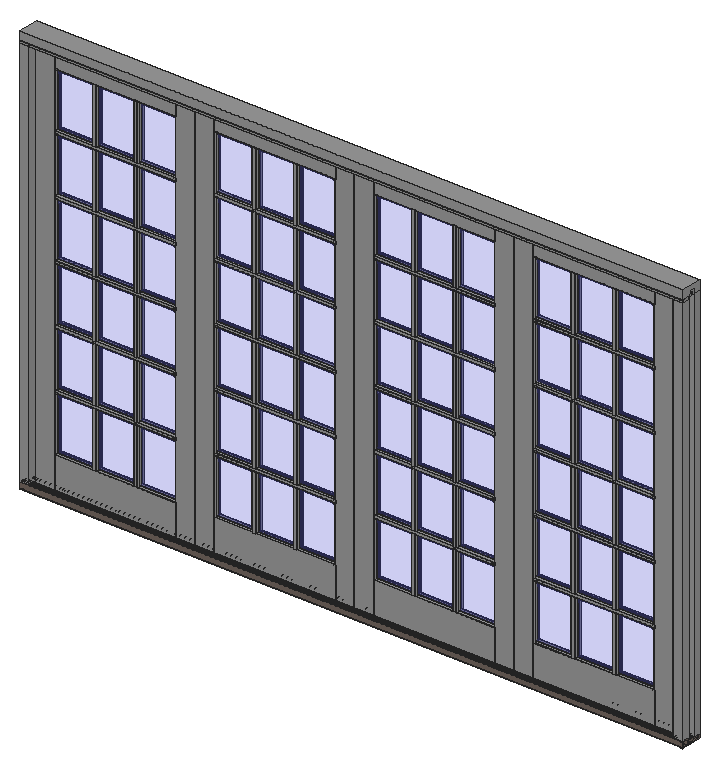
Revit family "VSFA 3390 SP RH", category Doors, host Wall, Revit 2015 (continued)
Forms (mm)
  Extrusion 65, solid, material "Lauan, Meranti"
    sketch origin (-564.265, 0, 0) x (0, 1, 0) y (0, 0, 1)
      loop
        line (-13.5, 487) -> (-15.5, 487)
    from -169.235 to 451.765
  Extrusion 66, solid, material "Glass"
    sketch origin (-587.692, -110.55, -763.769) x (1, 0, 0) y (0, 0, 1)
      loop
        line (-145.808, 2722.769) -> (-145.808, 2438.757) -> (52.532, 2438.757) -> (52.532, 2722.769) -> (-145.808, 2722.769)
      loop
        line (65.532, 2722.769) -> (65.532, 2438.757) -> (263.872, 2438.757) -> (263.872, 2722.769) -> (65.532, 2722.769)
      loop
        line (276.872, 2722.769) -> (276.872, 2438.757) -> (475.212, 2438.757) -> (475.212, 2722.769) -> (276.872, 2722.769)
      loop
        line (-145.808, 2425.769) -> (-145.808, 2141.757) -> (52.532, 2141.757) -> (52.532, 2425.769) -> (-145.808, 2425.769)
      loop
        line (65.532, 2425.769) -> (65.532, 2141.757) -> (263.872, 2141.757) -> (263.872, 2425.769) -> (65.532, 2425.769)
      loop
        line (276.872, 2425.769) -> (276.872, 2141.757) -> (475.212, 2141.757) -> (475.212, 2425.769) -> (276.872, 2425.769)
      loop
        line (-145.808, 2128.769) -> (-145.808, 1844.757) -> (52.532, 1844.757) -> (52.532, 2128.769) -> (-145.808, 2128.769)
      loop
        line (65.532, 2128.769) -> (65.532, 1844.757) -> (263.872, 1844.757) -> (263.872, 2128.769) -> (65.532, 2128.769)
      loop
        line (276.872, 2128.769) -> (276.872, 1844.757) -> (475.212, 1844.757) -> (475.212, 2128.769) -> (276.872, 2128.769)
      loop
        line (-145.808, 1831.769) -> (-145.808, 1547.757) -> (52.532, 1547.757) -> (52.532, 1831.769) -> (-145.808, 1831.769)
      loop
        line (65.532, 1831.769) -> (65.532, 1547.757) -> (263.872, 1547.757) -> (263.872, 1831.769) -> (65.532, 1831.769)
      loop
        line (276.872, 1831.769) -> (276.872, 1547.757) -> (475.212, 1547.757) -> (475.212, 1831.769) -> (276.872, 1831.769)
      loop
        line (-145.808, 1534.769) -> (-145.808, 1250.757) -> (52.532, 1250.757) -> (52.532, 1534.769) -> (-145.808, 1534.769)
      loop
        line (65.532, 1534.769) -> (65.532, 1250.757) -> (263.872, 1250.757) -> (263.872, 1534.769) -> (65.532, 1534.769)
      loop
        line (276.872, 1534.769) -> (276.872, 1250.757) -> (475.212, 1250.757) -> (475.212, 1534.769) -> (276.872, 1534.769)
      loop
        line (-145.808, 1237.769) -> (-145.808, 953.757) -> (52.532, 953.757) -> (52.532, 1237.769) -> (-145.808, 1237.769)
      loop
        line (65.532, 1237.769) -> (65.532, 953.757) -> (263.872, 953.757) -> (263.872, 1237.769) -> (65.532, 1237.769)
      loop
        line (276.872, 1237.769) -> (276.872, 953.757) -> (475.212, 953.757) -> (475.212, 1237.769) -> (276.872, 1237.769)
    from -112.5 to -106.1
  Extrusion 67, solid, material "Lauan, Meranti"
    sketch origin (-1119.5, 0, 1484.988) x (1, 0, 0) y (0, 1, 0)
      loop
        line (597.34, -15.5) -> (597.34, -13.5)
        arc (597.34, -13.5) -> (602.01, -11.866) -> (604.34, -7.5) r 6.807
        line (604.34, -7.5) -> (606.34, -7.5) -> (606.34, -5.5) -> (597.34, -5.5) -> (597.34, 24.5) -> (584.34, 24.5) -> (584.34, -5.5) -> (575.34, -5.5) -> (575.34, -7.5) -> (577.34, -7.5)
        arc (577.34, -7.5) -> (579.67, -11.866) -> (584.34, -13.5) r 6.807
        line (584.34, -13.5) -> (584.34, -15.5) -> (597.34, -15.5)
      loop
        line (808.68, -15.5) -> (808.68, -13.5)
        arc (808.68, -13.5) -> (813.35, -11.866) -> (815.68, -7.5) r 6.807
        line (815.68, -7.5) -> (817.68, -7.5) -> (817.68, -5.5) -> (808.68, -5.5) -> (808.68, 24.5) -> (795.68, 24.5) -> (795.68, -5.5) -> (786.68, -5.5) -> (786.68, -7.5) -> (788.68, -7.5)
        arc (788.68, -7.5) -> (791.01, -11.866) -> (795.68, -13.5) r 6.807
        line (795.68, -13.5) -> (795.68, -15.5) -> (808.68, -15.5)
    from 190 to 474
  Sweep 68, solid, material "Lauan, Meranti"
    path origin (-1072.112, -75, 232.716) x (1, 0, 0) y (0, 0, 1)
      loop
        line (338.612, 1726.284) -> (338.612, 1442.272) -> (536.952, 1442.272) -> (536.952, 1726.284) -> (338.612, 1726.284)
    profile origin (-634.33, -75, 1959) x (0, 0, 1) y (0, -1, 0)
      loop
        line (-9, -78) -> (-9, -80) -> (-7, -80)
        arc (-7, -80) -> (-4.67, -84.366) -> (0, -86) r 6.807
        line (0, -86) -> (0, -78) -> (-9, -78)
  Sweep 69, solid, material "Lauan, Meranti"
    path origin (-860.772, -75, 232.716) x (1, 0, 0) y (0, 0, 1)
      loop
        line (338.612, 1726.284) -> (338.612, 1442.272) -> (536.952, 1442.272) -> (536.952, 1726.284) -> (338.612, 1726.284)
    profile origin (-422.99, -75, 1959) x (0, 0, 1) y (0, -1, 0)
      loop
        line (-9, -78) -> (-9, -80) -> (-7, -80)
        arc (-7, -80) -> (-4.67, -84.366) -> (0, -86) r 6.807
        line (0, -86) -> (0, -78) -> (-9, -78)
  Sweep 70, solid, material "Lauan, Meranti"
    path origin (-649.432, -75, 232.716) x (1, 0, 0) y (0, 0, 1)
      loop
        line (338.612, 1726.284) -> (338.612, 1442.272) -> (536.952, 1442.272) -> (536.952, 1726.284) -> (338.612, 1726.284)
    profile origin (-211.65, -75, 1959) x (0, 0, 1) y (0, -1, 0)
      loop
        line (-9, -78) -> (-9, -80) -> (-7, -80)
        arc (-7, -80) -> (-4.67, -84.366) -> (0, -86) r 6.807
        line (0, -86) -> (0, -78) -> (-9, -78)
  Extrusion 71, solid, material "Lauan, Meranti"
    sketch origin (-1119.5, 0, 1187.988) x (1, 0, 0) y (0, 1, 0)
      loop
        line (597.34, -15.5) -> (597.34, -13.5)
        arc (597.34, -13.5) -> (602.01, -11.866) -> (604.34, -7.5) r 6.807
        line (604.34, -7.5) -> (606.34, -7.5) -> (606.34, -5.5) -> (597.34, -5.5) -> (597.34, 24.5) -> (584.34, 24.5) -> (584.34, -5.5) -> (575.34, -5.5) -> (575.34, -7.5) -> (577.34, -7.5)
        arc (577.34, -7.5) -> (579.67, -11.866) -> (584.34, -13.5) r 6.807
        line (584.34, -13.5) -> (584.34, -15.5) -> (597.34, -15.5)
      loop
        line (808.68, -15.5) -> (808.68, -13.5)
        arc (808.68, -13.5) -> (813.35, -11.866) -> (815.68, -7.5) r 6.807
        line (815.68, -7.5) -> (817.68, -7.5) -> (817.68, -5.5) -> (808.68, -5.5) -> (808.68, 24.5) -> (795.68, 24.5) -> (795.68, -5.5) -> (786.68, -5.5) -> (786.68, -7.5) -> (788.68, -7.5)
        arc (788.68, -7.5) -> (791.01, -11.866) -> (795.68, -13.5) r 6.807
        line (795.68, -13.5) -> (795.68, -15.5) -> (808.68, -15.5)
    from 190 to 474
  Sweep 72, solid, material "Lauan, Meranti"
    path origin (-1072.112, -75, -64.284) x (1, 0, 0) y (0, 0, 1)
      loop
        line (338.612, 1726.284) -> (338.612, 1442.272) -> (536.952, 1442.272) -> (536.952, 1726.284) -> (338.612, 1726.284)
    profile origin (-634.33, -75, 1662) x (0, 0, 1) y (0, -1, 0)
      loop
        line (-9, -78) -> (-9, -80) -> (-7, -80)
        arc (-7, -80) -> (-4.67, -84.366) -> (0, -86) r 6.807
        line (0, -86) -> (0, -78) -> (-9, -78)
  Sweep 73, solid, material "Lauan, Meranti"
    path origin (-860.772, -75, -64.284) x (1, 0, 0) y (0, 0, 1)
      loop
        line (338.612, 1726.284) -> (338.612, 1442.272) -> (536.952, 1442.272) -> (536.952, 1726.284) -> (338.612, 1726.284)
    profile origin (-422.99, -75, 1662) x (0, 0, 1) y (0, -1, 0)
      loop
        line (-9, -78) -> (-9, -80) -> (-7, -80)
        arc (-7, -80) -> (-4.67, -84.366) -> (0, -86) r 6.807
        line (0, -86) -> (0, -78) -> (-9, -78)
  Sweep 74, solid, material "Lauan, Meranti"
    path origin (-649.432, -75, -64.284) x (1, 0, 0) y (0, 0, 1)
      loop
        line (338.612, 1726.284) -> (338.612, 1442.272) -> (536.952, 1442.272) -> (536.952, 1726.284) -> (338.612, 1726.284)
    profile origin (-211.65, -75, 1662) x (0, 0, 1) y (0, -1, 0)
      loop
        line (-9, -78) -> (-9, -80) -> (-7, -80)
        arc (-7, -80) -> (-4.67, -84.366) -> (0, -86) r 6.807
        line (0, -86) -> (0, -78) -> (-9, -78)
  Extrusion 75, solid, material "Lauan, Meranti"
    sketch origin (-1119.5, 0, 890.988) x (1, 0, 0) y (0, 1, 0)
      loop
        line (597.34, -15.5) -> (597.34, -13.5)
        arc (597.34, -13.5) -> (602.01, -11.866) -> (604.34, -7.5) r 6.807
        line (604.34, -7.5) -> (606.34, -7.5) -> (606.34, -5.5) -> (597.34, -5.5) -> (597.34, 24.5) -> (584.34, 24.5) -> (584.34, -5.5) -> (575.34, -5.5) -> (575.34, -7.5) -> (577.34, -7.5)
        arc (577.34, -7.5) -> (579.67, -11.866) -> (584.34, -13.5) r 6.807
        line (584.34, -13.5) -> (584.34, -15.5) -> (597.34, -15.5)
      loop
        line (808.68, -15.5) -> (808.68, -13.5)
        arc (808.68, -13.5) -> (813.35, -11.866) -> (815.68, -7.5) r 6.807
        line (815.68, -7.5) -> (817.68, -7.5) -> (817.68, -5.5) -> (808.68, -5.5) -> (808.68, 24.5) -> (795.68, 24.5) -> (795.68, -5.5) -> (786.68, -5.5) -> (786.68, -7.5) -> (788.68, -7.5)
        arc (788.68, -7.5) -> (791.01, -11.866) -> (795.68, -13.5) r 6.807
        line (795.68, -13.5) -> (795.68, -15.5) -> (808.68, -15.5)
    from 190 to 474
  Sweep 76, solid, material "Lauan, Meranti"
    path origin (-1072.112, -75, -361.284) x (1, 0, 0) y (0, 0, 1)
      loop
        line (338.612, 1726.284) -> (338.612, 1442.272) -> (536.952, 1442.272) -> (536.952, 1726.284) -> (338.612, 1726.284)
    profile origin (-634.33, -75, 1365) x (0, 0, 1) y (0, -1, 0)
      loop
        line (-9, -78) -> (-9, -80) -> (-7, -80)
        arc (-7, -80) -> (-4.67, -84.366) -> (0, -86) r 6.807
        line (0, -86) -> (0, -78) -> (-9, -78)
  Sweep 77, solid, material "Lauan, Meranti"
    path origin (-860.772, -75, -361.284) x (1, 0, 0) y (0, 0, 1)
      loop
        line (338.612, 1726.284) -> (338.612, 1442.272) -> (536.952, 1442.272) -> (536.952, 1726.284) -> (338.612, 1726.284)
    profile origin (-422.99, -75, 1365) x (0, 0, 1) y (0, -1, 0)
      loop
        line (-9, -78) -> (-9, -80) -> (-7, -80)
        arc (-7, -80) -> (-4.67, -84.366) -> (0, -86) r 6.807
        line (0, -86) -> (0, -78) -> (-9, -78)
  Sweep 78, solid, material "Lauan, Meranti"
    path origin (-649.432, -75, -361.284) x (1, 0, 0) y (0, 0, 1)
      loop
        line (338.612, 1726.284) -> (338.612, 1442.272) -> (536.952, 1442.272) -> (536.952, 1726.284) -> (338.612, 1726.284)
    profile origin (-211.65, -75, 1365) x (0, 0, 1) y (0, -1, 0)
      loop
        line (-9, -78) -> (-9, -80) -> (-7, -80)
        arc (-7, -80) -> (-4.67, -84.366) -> (0, -86) r 6.807
        line (0, -86) -> (0, -78) -> (-9, -78)
  Extrusion 79, solid, material "Lauan, Meranti"
    sketch origin (-1119.5, 0, 593.988) x (1, 0, 0) y (0, 1, 0)
      loop
        line (597.34, -15.5) -> (597.34, -13.5)
        arc (597.34, -13.5) -> (602.01, -11.866) -> (604.34, -7.5) r 6.807
        line (604.34, -7.5) -> (606.34, -7.5) -> (606.34, -5.5) -> (597.34, -5.5) -> (597.34, 24.5) -> (584.34, 24.5) -> (584.34, -5.5) -> (575.34, -5.5) -> (575.34, -7.5) -> (577.34, -7.5)
        arc (577.34, -7.5) -> (579.67, -11.866) -> (584.34, -13.5) r 6.807
        line (584.34, -13.5) -> (584.34, -15.5) -> (597.34, -15.5)
      loop
        line (808.68, -15.5) -> (808.68, -13.5)
        arc (808.68, -13.5) -> (813.35, -11.866) -> (815.68, -7.5) r 6.807
        line (815.68, -7.5) -> (817.68, -7.5) -> (817.68, -5.5) -> (808.68, -5.5) -> (808.68, 24.5) -> (795.68, 24.5) -> (795.68, -5.5) -> (786.68, -5.5) -> (786.68, -7.5) -> (788.68, -7.5)
        arc (788.68, -7.5) -> (791.01, -11.866) -> (795.68, -13.5) r 6.807
        line (795.68, -13.5) -> (795.68, -15.5) -> (808.68, -15.5)
    from 190 to 474
  Sweep 80, solid, material "Lauan, Meranti"
    path origin (-1072.112, -75, -658.284) x (1, 0, 0) y (0, 0, 1)
      loop
        line (338.612, 1726.284) -> (338.612, 1442.272) -> (536.952, 1442.272) -> (536.952, 1726.284) -> (338.612, 1726.284)
    profile origin (-634.33, -75, 1068) x (0, 0, 1) y (0, -1, 0)
      loop
        line (-9, -78) -> (-9, -80) -> (-7, -80)
        arc (-7, -80) -> (-4.67, -84.366) -> (0, -86) r 6.807
        line (0, -86) -> (0, -78) -> (-9, -78)
  Sweep 81, solid, material "Lauan, Meranti"
    path origin (-860.772, -75, -658.284) x (1, 0, 0) y (0, 0, 1)
      loop
        line (338.612, 1726.284) -> (338.612, 1442.272) -> (536.952, 1442.272) -> (536.952, 1726.284) -> (338.612, 1726.284)
    profile origin (-422.99, -75, 1068) x (0, 0, 1) y (0, -1, 0)
      loop
        line (-9, -78) -> (-9, -80) -> (-7, -80)
        arc (-7, -80) -> (-4.67, -84.366) -> (0, -86) r 6.807
        line (0, -86) -> (0, -78) -> (-9, -78)
  Sweep 82, solid, material "Lauan, Meranti"
    path origin (-649.432, -75, -658.284) x (1, 0, 0) y (0, 0, 1)
      loop
        line (338.612, 1726.284) -> (338.612, 1442.272) -> (536.952, 1442.272) -> (536.952, 1726.284) -> (338.612, 1726.284)
    profile origin (-211.65, -75, 1068) x (0, 0, 1) y (0, -1, 0)
      loop
        line (-9, -78) -> (-9, -80) -> (-7, -80)
        arc (-7, -80) -> (-4.67, -84.366) -> (0, -86) r 6.807
        line (0, -86) -> (0, -78) -> (-9, -78)
  Extrusion 83, solid, material "Lauan, Meranti"
    sketch origin (-1119.5, 0, 296.988) x (1, 0, 0) y (0, 1, 0)
      loop
        line (597.34, -15.5) -> (597.34, -13.5)
        arc (597.34, -13.5) -> (602.01, -11.866) -> (604.34, -7.5) r 6.807
        line (604.34, -7.5) -> (606.34, -7.5) -> (606.34, -5.5) -> (597.34, -5.5) -> (597.34, 24.5) -> (584.34, 24.5) -> (584.34, -5.5) -> (575.34, -5.5) -> (575.34, -7.5) -> (577.34, -7.5)
        arc (577.34, -7.5) -> (579.67, -11.866) -> (584.34, -13.5) r 6.807
        line (584.34, -13.5) -> (584.34, -15.5) -> (597.34, -15.5)
      loop
        line (808.68, -15.5) -> (808.68, -13.5)
        arc (808.68, -13.5) -> (813.35, -11.866) -> (815.68, -7.5) r 6.807
        line (815.68, -7.5) -> (817.68, -7.5) -> (817.68, -5.5) -> (808.68, -5.5) -> (808.68, 24.5) -> (795.68, 24.5) -> (795.68, -5.5) -> (786.68, -5.5) -> (786.68, -7.5) -> (788.68, -7.5)
        arc (788.68, -7.5) -> (791.01, -11.866) -> (795.68, -13.5) r 6.807
        line (795.68, -13.5) -> (795.68, -15.5) -> (808.68, -15.5)
    from 190 to 474
  Sweep 84, solid, material "Lauan, Meranti"
    path origin (-1072.112, -75, -955.284) x (1, 0, 0) y (0, 0, 1)
      loop
        line (338.612, 1726.284) -> (338.612, 1442.272) -> (536.952, 1442.272) -> (536.952, 1726.284) -> (338.612, 1726.284)
    profile origin (-634.33, -75, 771) x (0, 0, 1) y (0, -1, 0)
      loop
        line (-9, -78) -> (-9, -80) -> (-7, -80)
        arc (-7, -80) -> (-4.67, -84.366) -> (0, -86) r 6.807
        line (0, -86) -> (0, -78) -> (-9, -78)
  Sweep 85, solid, material "Lauan, Meranti"
    path origin (-860.772, -75, -955.284) x (1, 0, 0) y (0, 0, 1)
      loop
        line (338.612, 1726.284) -> (338.612, 1442.272) -> (536.952, 1442.272) -> (536.952, 1726.284) -> (338.612, 1726.284)
    profile origin (-422.99, -75, 771) x (0, 0, 1) y (0, -1, 0)
      loop
        line (-9, -78) -> (-9, -80) -> (-7, -80)
        arc (-7, -80) -> (-4.67, -84.366) -> (0, -86) r 6.807
        line (0, -86) -> (0, -78) -> (-9, -78)
  Sweep 86, solid, material "Lauan, Meranti"
    path origin (-649.432, -75, -955.284) x (1, 0, 0) y (0, 0, 1)
      loop
        line (338.612, 1726.284) -> (338.612, 1442.272) -> (536.952, 1442.272) -> (536.952, 1726.284) -> (338.612, 1726.284)
    profile origin (-211.65, -75, 771) x (0, 0, 1) y (0, -1, 0)
      loop
        line (-9, -78) -> (-9, -80) -> (-7, -80)
        arc (-7, -80) -> (-4.67, -84.366) -> (0, -86) r 6.807
        line (0, -86) -> (0, -78) -> (-9, -78)
  Extrusion 87, solid, material "Lauan, Meranti"
    sketch origin (-1119.5, 0, -0.012) x (1, 0, 0) y (0, 1, 0)
      loop
        line (597.34, -15.5) -> (597.34, -13.5)
        arc (597.34, -13.5) -> (602.01, -11.866) -> (604.34, -7.5) r 6.807
        line (604.34, -7.5) -> (606.34, -7.5) -> (606.34, -5.5) -> (597.34, -5.5) -> (597.34, 24.5) -> (584.34, 24.5) -> (584.34, -5.5) -> (575.34, -5.5) -> (575.34, -7.5) -> (577.34, -7.5)
        arc (577.34, -7.5) -> (579.67, -11.866) -> (584.34, -13.5) r 6.807
        line (584.34, -13.5) -> (584.34, -15.5) -> (597.34, -15.5)
      loop
        line (808.68, -15.5) -> (808.68, -13.5)
        arc (808.68, -13.5) -> (813.35, -11.866) -> (815.68, -7.5) r 6.807
        line (815.68, -7.5) -> (817.68, -7.5) -> (817.68, -5.5) -> (808.68, -5.5) -> (808.68, 24.5) -> (795.68, 24.5) -> (795.68, -5.5) -> (786.68, -5.5) -> (786.68, -7.5) -> (788.68, -7.5)
        arc (788.68, -7.5) -> (791.01, -11.866) -> (795.68, -13.5) r 6.807
        line (795.68, -13.5) -> (795.68, -15.5) -> (808.68, -15.5)
    from 190 to 474
  Sweep 88, solid, material "Lauan, Meranti"
    path origin (-1072.112, -75, -1252.284) x (1, 0, 0) y (0, 0, 1)
      loop
        line (338.612, 1726.284) -> (338.612, 1442.272) -> (536.952, 1442.272) -> (536.952, 1726.284) -> (338.612, 1726.284)
    profile origin (-634.33, -75, 474) x (0, 0, 1) y (0, -1, 0)
      loop
        line (-9, -78) -> (-9, -80) -> (-7, -80)
        arc (-7, -80) -> (-4.67, -84.366) -> (0, -86) r 6.807
        line (0, -86) -> (0, -78) -> (-9, -78)
  Sweep 89, solid, material "Lauan, Meranti"
    path origin (-860.772, -75, -1252.284) x (1, 0, 0) y (0, 0, 1)
      loop
        line (338.612, 1726.284) -> (338.612, 1442.272) -> (536.952, 1442.272) -> (536.952, 1726.284) -> (338.612, 1726.284)
    profile origin (-422.99, -75, 474) x (0, 0, 1) y (0, -1, 0)
      loop
        line (-9, -78) -> (-9, -80) -> (-7, -80)
        arc (-7, -80) -> (-4.67, -84.366) -> (0, -86) r 6.807
        line (0, -86) -> (0, -78) -> (-9, -78)
  Sweep 90, solid, material "Lauan, Meranti"
    path origin (-649.432, -75, -1252.284) x (1, 0, 0) y (0, 0, 1)
      loop
        line (338.612, 1726.284) -> (338.612, 1442.272) -> (536.952, 1442.272) -> (536.952, 1726.284) -> (338.612, 1726.284)
    profile origin (-211.65, -75, 474) x (0, 0, 1) y (0, -1, 0)
      loop
        line (-9, -78) -> (-9, -80) -> (-7, -80)
        arc (-7, -80) -> (-4.67, -84.366) -> (0, -86) r 6.807
        line (0, -86) -> (0, -78) -> (-9, -78)
  Extrusion 91, solid, material "Lauan, Meranti"
    sketch origin (-1380.265, 0, 0) x (0, 1, 0) y (0, 0, 1)
      loop
        line (-15.5, 190) -> (-15.5, 19) -> (24.5, 19) -> (24.5, 190) -> (-5.5, 190) -> (-5.5, 199) -> (-7.5, 199) -> (-7.5, 197)
        arc (-7.5, 197) -> (-11.866, 194.67) -> (-13.5, 190) r 6.807
        line (-13.5, 190) -> (-15.5, 190)
      loop
        line (-7.5, 1952) -> (-7.5, 1950) -> (-5.5, 1950) -> (-5.5, 1959) -> (24.5, 1959) -> (24.5, 2055) -> (-15.5, 2055) -> (-15.5, 1959) -> (-13.5, 1959)
        arc (-13.5, 1959) -> (-11.866, 1954.33) -> (-7.5, 1952) r 6.807
      loop
        line (-15.5, 1675) -> (-15.5, 1662) -> (-13.5, 1662)
        arc (-13.5, 1662) -> (-11.866, 1657.33) -> (-7.5, 1655) r 6.807
        line (-7.5, 1655) -> (-7.5, 1653) -> (-5.5, 1653) -> (-5.5, 1662) -> (24.5, 1662) -> (24.5, 1675) -> (-5.5, 1675) -> (-5.5, 1684) -> (-7.5, 1684) -> (-7.5, 1682)
        arc (-7.5, 1682) -> (-11.866, 1679.67) -> (-13.5, 1675) r 6.807
        line (-13.5, 1675) -> (-15.5, 1675)
      loop
        line (-15.5, 1378) -> (-15.5, 1365) -> (-13.5, 1365)
        arc (-13.5, 1365) -> (-11.866, 1360.33) -> (-7.5, 1358) r 6.807
        line (-7.5, 1358) -> (-7.5, 1356) -> (-5.5, 1356) -> (-5.5, 1365) -> (24.5, 1365) -> (24.5, 1378) -> (-5.5, 1378) -> (-5.5, 1387) -> (-7.5, 1387) -> (-7.5, 1385)
        arc (-7.5, 1385) -> (-11.866, 1382.67) -> (-13.5, 1378) r 6.807
        line (-13.5, 1378) -> (-15.5, 1378)
      loop
        line (-15.5, 1081) -> (-15.5, 1068) -> (-13.5, 1068)
        arc (-13.5, 1068) -> (-11.866, 1063.33) -> (-7.5, 1061) r 6.807
        line (-7.5, 1061) -> (-7.5, 1059) -> (-5.5, 1059) -> (-5.5, 1068) -> (24.5, 1068) -> (24.5, 1081) -> (-5.5, 1081) -> (-5.5, 1090) -> (-7.5, 1090) -> (-7.5, 1088)
        arc (-7.5, 1088) -> (-11.866, 1085.67) -> (-13.5, 1081) r 6.807
        line (-13.5, 1081) -> (-15.5, 1081)
      loop
        line (-15.5, 784) -> (-15.5, 771) -> (-13.5, 771)
        arc (-13.5, 771) -> (-11.866, 766.33) -> (-7.5, 764) r 6.807
        line (-7.5, 764) -> (-7.5, 762) -> (-5.5, 762) -> (-5.5, 771) -> (24.5, 771) -> (24.5, 784) -> (-5.5, 784) -> (-5.5, 793) -> (-7.5, 793) -> (-7.5, 791)
        arc (-7.5, 791) -> (-11.866, 788.67) -> (-13.5, 784) r 6.807
        line (-13.5, 784) -> (-15.5, 784)
      loop
        line (-15.5, 487) -> (-15.5, 474) -> (-13.5, 474)
        arc (-13.5, 474) -> (-11.866, 469.33) -> (-7.5, 467) r 6.807
        line (-7.5, 467) -> (-7.5, 465) -> (-5.5, 465) -> (-5.5, 474) -> (24.5, 474) -> (24.5, 487) -> (-5.5, 487) -> (-5.5, 496) -> (-7.5, 496) -> (-7.5, 494)
        arc (-7.5, 494) -> (-11.866, 491.67) -> (-13.5, 487) r 6.807
        line (-13.5, 487) -> (-15.5, 487)
    from -169.235 to 451.765
  Extrusion 92, solid, material "Glass"
    sketch origin (-1403.692, -110.55, -763.769) x (1, 0, 0) y (0, 0, 1)
      loop
        line (-145.808, 2722.769) -> (-145.808, 2438.757) -> (52.532, 2438.757) -> (52.532, 2722.769) -> (-145.808, 2722.769)
      loop
        line (65.532, 2722.769) -> (65.532, 2438.757) -> (263.872, 2438.757) -> (263.872, 2722.769) -> (65.532, 2722.769)
      loop
        line (276.872, 2722.769) -> (276.872, 2438.757) -> (475.212, 2438.757) -> (475.212, 2722.769) -> (276.872, 2722.769)
      loop
        line (-145.808, 2425.769) -> (-145.808, 2141.757) -> (52.532, 2141.757) -> (52.532, 2425.769) -> (-145.808, 2425.769)
      loop
        line (65.532, 2425.769) -> (65.532, 2141.757) -> (263.872, 2141.757) -> (263.872, 2425.769) -> (65.532, 2425.769)
      loop
        line (276.872, 2425.769) -> (276.872, 2141.757) -> (475.212, 2141.757) -> (475.212, 2425.769) -> (276.872, 2425.769)
      loop
        line (-145.808, 2128.769) -> (-145.808, 1844.757) -> (52.532, 1844.757) -> (52.532, 2128.769) -> (-145.808, 2128.769)
      loop
        line (65.532, 2128.769) -> (65.532, 1844.757) -> (263.872, 1844.757) -> (263.872, 2128.769) -> (65.532, 2128.769)
      loop
        line (276.872, 2128.769) -> (276.872, 1844.757) -> (475.212, 1844.757) -> (475.212, 2128.769) -> (276.872, 2128.769)
      loop
        line (-145.808, 1831.769) -> (-145.808, 1547.757) -> (52.532, 1547.757) -> (52.532, 1831.769) -> (-145.808, 1831.769)
      loop
        line (65.532, 1831.769) -> (65.532, 1547.757) -> (263.872, 1547.757) -> (263.872, 1831.769) -> (65.532, 1831.769)
      loop
        line (276.872, 1831.769) -> (276.872, 1547.757) -> (475.212, 1547.757) -> (475.212, 1831.769) -> (276.872, 1831.769)
      loop
        line (-145.808, 1534.769) -> (-145.808, 1250.757) -> (52.532, 1250.757) -> (52.532, 1534.769) -> (-145.808, 1534.769)
      loop
        line (65.532, 1534.769) -> (65.532, 1250.757) -> (263.872, 1250.757) -> (263.872, 1534.769) -> (65.532, 1534.769)
      loop
        line (276.872, 1534.769) -> (276.872, 1250.757) -> (475.212, 1250.757) -> (475.212, 1534.769) -> (276.872, 1534.769)
      loop
        line (-145.808, 1237.769) -> (-145.808, 953.757) -> (52.532, 953.757) -> (52.532, 1237.769) -> (-145.808, 1237.769)
      loop
        line (65.532, 1237.769) -> (65.532, 953.757) -> (263.872, 953.757) -> (263.872, 1237.769) -> (65.532, 1237.769)
      loop
        line (276.872, 1237.769) -> (276.872, 953.757) -> (475.212, 953.757) -> (475.212, 1237.769) -> (276.872, 1237.769)
    from -112.5 to -106.1
  Extrusion 93, solid, material "Lauan, Meranti"
    sketch origin (-1935.5, 0, 1484.988) x (1, 0, 0) y (0, 1, 0)
      loop
        line (597.34, -15.5) -> (597.34, -13.5)
        arc (597.34, -13.5) -> (602.01, -11.866) -> (604.34, -7.5) r 6.807
        line (604.34, -7.5) -> (606.34, -7.5) -> (606.34, -5.5) -> (597.34, -5.5) -> (597.34, 24.5) -> (584.34, 24.5) -> (584.34, -5.5) -> (575.34, -5.5) -> (575.34, -7.5) -> (577.34, -7.5)
        arc (577.34, -7.5) -> (579.67, -11.866) -> (584.34, -13.5) r 6.807
        line (584.34, -13.5) -> (584.34, -15.5) -> (597.34, -15.5)
      loop
        line (808.68, -15.5) -> (808.68, -13.5)
        arc (808.68, -13.5) -> (813.35, -11.866) -> (815.68, -7.5) r 6.807
        line (815.68, -7.5) -> (817.68, -7.5) -> (817.68, -5.5) -> (808.68, -5.5) -> (808.68, 24.5) -> (795.68, 24.5) -> (795.68, -5.5) -> (786.68, -5.5) -> (786.68, -7.5) -> (788.68, -7.5)
        arc (788.68, -7.5) -> (791.01, -11.866) -> (795.68, -13.5) r 6.807
        line (795.68, -13.5) -> (795.68, -15.5) -> (808.68, -15.5)
    from 190 to 474
  Sweep 94, solid, material "Lauan, Meranti"
    path origin (-1888.112, -75, 232.716) x (1, 0, 0) y (0, 0, 1)
      loop
        line (338.612, 1726.284) -> (338.612, 1442.272) -> (536.952, 1442.272) -> (536.952, 1726.284) -> (338.612, 1726.284)
    profile origin (-1450.33, -75, 1959) x (0, 0, 1) y (0, -1, 0)
      loop
        line (-9, -78) -> (-9, -80) -> (-7, -80)
        arc (-7, -80) -> (-4.67, -84.366) -> (0, -86) r 6.807
        line (0, -86) -> (0, -78) -> (-9, -78)
  Sweep 95, solid, material "Lauan, Meranti"
    path origin (-1676.772, -75, 232.716) x (1, 0, 0) y (0, 0, 1)
      loop
        line (338.612, 1726.284) -> (338.612, 1442.272) -> (536.952, 1442.272) -> (536.952, 1726.284) -> (338.612, 1726.284)
    profile origin (-1238.99, -75, 1959) x (0, 0, 1) y (0, -1, 0)
      loop
        line (-9, -78) -> (-9, -80) -> (-7, -80)
        arc (-7, -80) -> (-4.67, -84.366) -> (0, -86) r 6.807
        line (0, -86) -> (0, -78) -> (-9, -78)
  Sweep 96, solid, material "Lauan, Meranti"
    path origin (-1465.432, -75, 232.716) x (1, 0, 0) y (0, 0, 1)
      loop
        line (338.612, 1726.284) -> (338.612, 1442.272) -> (536.952, 1442.272) -> (536.952, 1726.284) -> (338.612, 1726.284)
    profile origin (-1027.65, -75, 1959) x (0, 0, 1) y (0, -1, 0)
      loop
        line (-9, -78) -> (-9, -80) -> (-7, -80)
        arc (-7, -80) -> (-4.67, -84.366) -> (0, -86) r 6.807
        line (0, -86) -> (0, -78) -> (-9, -78)
  Extrusion 97, solid, material "Lauan, Meranti"
    sketch origin (-1935.5, 0, 1187.988) x (1, 0, 0) y (0, 1, 0)
      loop
        line (597.34, -15.5) -> (597.34, -13.5)
        arc (597.34, -13.5) -> (602.01, -11.866) -> (604.34, -7.5) r 6.807
        line (604.34, -7.5) -> (606.34, -7.5) -> (606.34, -5.5) -> (597.34, -5.5) -> (597.34, 24.5) -> (584.34, 24.5) -> (584.34, -5.5) -> (575.34, -5.5) -> (575.34, -7.5) -> (577.34, -7.5)
        arc (577.34, -7.5) -> (579.67, -11.866) -> (584.34, -13.5) r 6.807
        line (584.34, -13.5) -> (584.34, -15.5) -> (597.34, -15.5)
      loop
        line (808.68, -15.5) -> (808.68, -13.5)
        arc (808.68, -13.5) -> (813.35, -11.866) -> (815.68, -7.5) r 6.807
        line (815.68, -7.5) -> (817.68, -7.5) -> (817.68, -5.5) -> (808.68, -5.5) -> (808.68, 24.5) -> (795.68, 24.5) -> (795.68, -5.5) -> (786.68, -5.5) -> (786.68, -7.5) -> (788.68, -7.5)
        arc (788.68, -7.5) -> (791.01, -11.866) -> (795.68, -13.5) r 6.807
        line (795.68, -13.5) -> (795.68, -15.5) -> (808.68, -15.5)
    from 190 to 474
  Sweep 98, solid, material "Lauan, Meranti"
    path origin (-1888.112, -75, -64.284) x (1, 0, 0) y (0, 0, 1)
      loop
        line (338.612, 1726.284) -> (338.612, 1442.272) -> (536.952, 1442.272) -> (536.952, 1726.284) -> (338.612, 1726.284)
    profile origin (-1450.33, -75, 1662) x (0, 0, 1) y (0, -1, 0)
      loop
        line (-9, -78) -> (-9, -80) -> (-7, -80)
        arc (-7, -80) -> (-4.67, -84.366) -> (0, -86) r 6.807
        line (0, -86) -> (0, -78) -> (-9, -78)
  Sweep 99, solid, material "Lauan, Meranti"
    path origin (-1676.772, -75, -64.284) x (1, 0, 0) y (0, 0, 1)
      loop
        line (338.612, 1726.284) -> (338.612, 1442.272) -> (536.952, 1442.272) -> (536.952, 1726.284) -> (338.612, 1726.284)
    profile origin (-1238.99, -75, 1662) x (0, 0, 1) y (0, -1, 0)
      loop
        line (-9, -78) -> (-9, -80) -> (-7, -80)
        arc (-7, -80) -> (-4.67, -84.366) -> (0, -86) r 6.807
        line (0, -86) -> (0, -78) -> (-9, -78)
  Sweep 100, solid, material "Lauan, Meranti"
    path origin (-1465.432, -75, -64.284) x (1, 0, 0) y (0, 0, 1)
      loop
        line (338.612, 1726.284) -> (338.612, 1442.272) -> (536.952, 1442.272) -> (536.952, 1726.284) -> (338.612, 1726.284)
    profile origin (-1027.65, -75, 1662) x (0, 0, 1) y (0, -1, 0)
      loop
        line (-9, -78) -> (-9, -80) -> (-7, -80)
        arc (-7, -80) -> (-4.67, -84.366) -> (0, -86) r 6.807
        line (0, -86) -> (0, -78) -> (-9, -78)
  Extrusion 101, solid, material "Lauan, Meranti"
    sketch origin (-1935.5, 0, 890.988) x (1, 0, 0) y (0, 1, 0)
      loop
        line (597.34, -15.5) -> (597.34, -13.5)
        arc (597.34, -13.5) -> (602.01, -11.866) -> (604.34, -7.5) r 6.807
        line (604.34, -7.5) -> (606.34, -7.5) -> (606.34, -5.5) -> (597.34, -5.5) -> (597.34, 24.5) -> (584.34, 24.5) -> (584.34, -5.5) -> (575.34, -5.5) -> (575.34, -7.5) -> (577.34, -7.5)
        arc (577.34, -7.5) -> (579.67, -11.866) -> (584.34, -13.5) r 6.807
        line (584.34, -13.5) -> (584.34, -15.5) -> (597.34, -15.5)
      loop
        line (808.68, -15.5) -> (808.68, -13.5)
        arc (808.68, -13.5) -> (813.35, -11.866) -> (815.68, -7.5) r 6.807
        line (815.68, -7.5) -> (817.68, -7.5) -> (817.68, -5.5) -> (808.68, -5.5) -> (808.68, 24.5) -> (795.68, 24.5) -> (795.68, -5.5) -> (786.68, -5.5) -> (786.68, -7.5) -> (788.68, -7.5)
        arc (788.68, -7.5) -> (791.01, -11.866) -> (795.68, -13.5) r 6.807
        line (795.68, -13.5) -> (795.68, -15.5) -> (808.68, -15.5)
    from 190 to 474
  Sweep 102, solid, material "Lauan, Meranti"
    path origin (-1888.112, -75, -361.284) x (1, 0, 0) y (0, 0, 1)
      loop
        line (338.612, 1726.284) -> (338.612, 1442.272) -> (536.952, 1442.272) -> (536.952, 1726.284) -> (338.612, 1726.284)
    profile origin (-1450.33, -75, 1365) x (0, 0, 1) y (0, -1, 0)
      loop
        line (-9, -78) -> (-9, -80) -> (-7, -80)
        arc (-7, -80) -> (-4.67, -84.366) -> (0, -86) r 6.807
        line (0, -86) -> (0, -78) -> (-9, -78)
  Sweep 103, solid, material "Lauan, Meranti"
    path origin (-1676.772, -75, -361.284) x (1, 0, 0) y (0, 0, 1)
      loop
        line (338.612, 1726.284) -> (338.612, 1442.272) -> (536.952, 1442.272) -> (536.952, 1726.284) -> (338.612, 1726.284)
    profile origin (-1238.99, -75, 1365) x (0, 0, 1) y (0, -1, 0)
      loop
        line (-9, -78) -> (-9, -80) -> (-7, -80)
        arc (-7, -80) -> (-4.67, -84.366) -> (0, -86) r 6.807
        line (0, -86) -> (0, -78) -> (-9, -78)
  Sweep 104, solid, material "Lauan, Meranti"
    path origin (-1465.432, -75, -361.284) x (1, 0, 0) y (0, 0, 1)
      loop
        line (338.612, 1726.284) -> (338.612, 1442.272) -> (536.952, 1442.272) -> (536.952, 1726.284) -> (338.612, 1726.284)
    profile origin (-1027.65, -75, 1365) x (0, 0, 1) y (0, -1, 0)
      loop
        line (-9, -78) -> (-9, -80) -> (-7, -80)
        arc (-7, -80) -> (-4.67, -84.366) -> (0, -86) r 6.807
        line (0, -86) -> (0, -78) -> (-9, -78)
  Extrusion 105, solid, material "Lauan, Meranti"
    sketch origin (-1935.5, 0, 593.988) x (1, 0, 0) y (0, 1, 0)
      loop
        line (597.34, -15.5) -> (597.34, -13.5)
        arc (597.34, -13.5) -> (602.01, -11.866) -> (604.34, -7.5) r 6.807
        line (604.34, -7.5) -> (606.34, -7.5) -> (606.34, -5.5) -> (597.34, -5.5) -> (597.34, 24.5) -> (584.34, 24.5) -> (584.34, -5.5) -> (575.34, -5.5) -> (575.34, -7.5) -> (577.34, -7.5)
        arc (577.34, -7.5) -> (579.67, -11.866) -> (584.34, -13.5) r 6.807
        line (584.34, -13.5) -> (584.34, -15.5) -> (597.34, -15.5)
      loop
        line (808.68, -15.5) -> (808.68, -13.5)
        arc (808.68, -13.5) -> (813.35, -11.866) -> (815.68, -7.5) r 6.807
        line (815.68, -7.5) -> (817.68, -7.5) -> (817.68, -5.5) -> (808.68, -5.5) -> (808.68, 24.5) -> (795.68, 24.5) -> (795.68, -5.5) -> (786.68, -5.5) -> (786.68, -7.5) -> (788.68, -7.5)
        arc (788.68, -7.5) -> (791.01, -11.866) -> (795.68, -13.5) r 6.807
        line (795.68, -13.5) -> (795.68, -15.5) -> (808.68, -15.5)
    from 190 to 474
  Sweep 106, solid, material "Lauan, Meranti"
    path origin (-1888.112, -75, -658.284) x (1, 0, 0) y (0, 0, 1)
      loop
        line (338.612, 1726.284) -> (338.612, 1442.272) -> (536.952, 1442.272) -> (536.952, 1726.284) -> (338.612, 1726.284)
    profile origin (-1450.33, -75, 1068) x (0, 0, 1) y (0, -1, 0)
      loop
        line (-9, -78) -> (-9, -80) -> (-7, -80)
        arc (-7, -80) -> (-4.67, -84.366) -> (0, -86) r 6.807
        line (0, -86) -> (0, -78) -> (-9, -78)
  Sweep 107, solid, material "Lauan, Meranti"
    path origin (-1676.772, -75, -658.284) x (1, 0, 0) y (0, 0, 1)
      loop
        line (338.612, 1726.284) -> (338.612, 1442.272) -> (536.952, 1442.272) -> (536.952, 1726.284) -> (338.612, 1726.284)
    profile origin (-1238.99, -75, 1068) x (0, 0, 1) y (0, -1, 0)
      loop
        line (-9, -78) -> (-9, -80) -> (-7, -80)
        arc (-7, -80) -> (-4.67, -84.366) -> (0, -86) r 6.807
        line (0, -86) -> (0, -78) -> (-9, -78)
  Sweep 108, solid, material "Lauan, Meranti"
    path origin (-1465.432, -75, -658.284) x (1, 0, 0) y (0, 0, 1)
      loop
        line (338.612, 1726.284) -> (338.612, 1442.272) -> (536.952, 1442.272) -> (536.952, 1726.284) -> (338.612, 1726.284)
    profile origin (-1027.65, -75, 1068) x (0, 0, 1) y (0, -1, 0)
      loop
        line (-9, -78) -> (-9, -80) -> (-7, -80)
        arc (-7, -80) -> (-4.67, -84.366) -> (0, -86) r 6.807
        line (0, -86) -> (0, -78) -> (-9, -78)
  Extrusion 109, solid, material "Lauan, Meranti"
    sketch origin (-1935.5, 0, 296.988) x (1, 0, 0) y (0, 1, 0)
      loop
        line (597.34, -15.5) -> (597.34, -13.5)
        arc (597.34, -13.5) -> (602.01, -11.866) -> (604.34, -7.5) r 6.807
        line (604.34, -7.5) -> (606.34, -7.5) -> (606.34, -5.5) -> (597.34, -5.5) -> (597.34, 24.5) -> (584.34, 24.5) -> (584.34, -5.5) -> (575.34, -5.5) -> (575.34, -7.5) -> (577.34, -7.5)
        arc (577.34, -7.5) -> (579.67, -11.866) -> (584.34, -13.5) r 6.807
        line (584.34, -13.5) -> (584.34, -15.5) -> (597.34, -15.5)
      loop
        line (808.68, -15.5) -> (808.68, -13.5)
        arc (808.68, -13.5) -> (813.35, -11.866) -> (815.68, -7.5) r 6.807
        line (815.68, -7.5) -> (817.68, -7.5) -> (817.68, -5.5) -> (808.68, -5.5) -> (808.68, 24.5) -> (795.68, 24.5) -> (795.68, -5.5) -> (786.68, -5.5) -> (786.68, -7.5) -> (788.68, -7.5)
        arc (788.68, -7.5) -> (791.01, -11.866) -> (795.68, -13.5) r 6.807
        line (795.68, -13.5) -> (795.68, -15.5) -> (808.68, -15.5)
    from 190 to 474
  Sweep 110, solid, material "Lauan, Meranti"
    path origin (-1888.112, -75, -955.284) x (1, 0, 0) y (0, 0, 1)
      loop
        line (338.612, 1726.284) -> (338.612, 1442.272) -> (536.952, 1442.272) -> (536.952, 1726.284) -> (338.612, 1726.284)
    profile origin (-1450.33, -75, 771) x (0, 0, 1) y (0, -1, 0)
      loop
        line (-9, -78) -> (-9, -80) -> (-7, -80)
        arc (-7, -80) -> (-4.67, -84.366) -> (0, -86) r 6.807
        line (0, -86) -> (0, -78) -> (-9, -78)
  Sweep 111, solid, material "Lauan, Meranti"
    path origin (-1676.772, -75, -955.284) x (1, 0, 0) y (0, 0, 1)
      loop
        line (338.612, 1726.284) -> (338.612, 1442.272) -> (536.952, 1442.272) -> (536.952, 1726.284) -> (338.612, 1726.284)
    profile origin (-1238.99, -75, 771) x (0, 0, 1) y (0, -1, 0)
      loop
        line (-9, -78) -> (-9, -80) -> (-7, -80)
        arc (-7, -80) -> (-4.67, -84.366) -> (0, -86) r 6.807
        line (0, -86) -> (0, -78) -> (-9, -78)
  Sweep 112, solid, material "Lauan, Meranti"
    path origin (-1465.432, -75, -955.284) x (1, 0, 0) y (0, 0, 1)
      loop
        line (338.612, 1726.284) -> (338.612, 1442.272) -> (536.952, 1442.272) -> (536.952, 1726.284) -> (338.612, 1726.284)
    profile origin (-1027.65, -75, 771) x (0, 0, 1) y (0, -1, 0)
      loop
        line (-9, -78) -> (-9, -80) -> (-7, -80)
        arc (-7, -80) -> (-4.67, -84.366) -> (0, -86) r 6.807
        line (0, -86) -> (0, -78) -> (-9, -78)
  Extrusion 113, solid, material "Lauan, Meranti"
    sketch origin (-1935.5, 0, -0.012) x (1, 0, 0) y (0, 1, 0)
      loop
        line (597.34, -15.5) -> (597.34, -13.5)
        arc (597.34, -13.5) -> (602.01, -11.866) -> (604.34, -7.5) r 6.807
        line (604.34, -7.5) -> (606.34, -7.5) -> (606.34, -5.5) -> (597.34, -5.5) -> (597.34, 24.5) -> (584.34, 24.5) -> (584.34, -5.5) -> (575.34, -5.5) -> (575.34, -7.5) -> (577.34, -7.5)
        arc (577.34, -7.5) -> (579.67, -11.866) -> (584.34, -13.5) r 6.807
        line (584.34, -13.5) -> (584.34, -15.5) -> (597.34, -15.5)
      loop
        line (808.68, -15.5) -> (808.68, -13.5)
        arc (808.68, -13.5) -> (813.35, -11.866) -> (815.68, -7.5) r 6.807
        line (815.68, -7.5) -> (817.68, -7.5) -> (817.68, -5.5) -> (808.68, -5.5) -> (808.68, 24.5) -> (795.68, 24.5) -> (795.68, -5.5) -> (786.68, -5.5) -> (786.68, -7.5) -> (788.68, -7.5)
        arc (788.68, -7.5) -> (791.01, -11.866) -> (795.68, -13.5) r 6.807
        line (795.68, -13.5) -> (795.68, -15.5) -> (808.68, -15.5)
    from 190 to 474
  Sweep 114, solid, material "Lauan, Meranti"
    path origin (-1888.112, -75, -1252.284) x (1, 0, 0) y (0, 0, 1)
      loop
        line (338.612, 1726.284) -> (338.612, 1442.272) -> (536.952, 1442.272) -> (536.952, 1726.284) -> (338.612, 1726.284)
    profile origin (-1450.33, -75, 474) x (0, 0, 1) y (0, -1, 0)
      loop
        line (-9, -78) -> (-9, -80) -> (-7, -80)
        arc (-7, -80) -> (-4.67, -84.366) -> (0, -86) r 6.807
        line (0, -86) -> (0, -78) -> (-9, -78)
  Sweep 115, solid, material "Lauan, Meranti"
    path origin (-1676.772, -75, -1252.284) x (1, 0, 0) y (0, 0, 1)
      loop
        line (338.612, 1726.284) -> (338.612, 1442.272) -> (536.952, 1442.272) -> (536.952, 1726.284) -> (338.612, 1726.284)
    profile origin (-1238.99, -75, 474) x (0, 0, 1) y (0, -1, 0)
      loop
        line (-9, -78) -> (-9, -80) -> (-7, -80)
        arc (-7, -80) -> (-4.67, -84.366) -> (0, -86) r 6.807
        line (0, -86) -> (0, -78) -> (-9, -78)
  Sweep 116, solid, material "Lauan, Meranti"
    path origin (-1465.432, -75, -1252.284) x (1, 0, 0) y (0, 0, 1)
      loop
        line (338.612, 1726.284) -> (338.612, 1442.272) -> (536.952, 1442.272) -> (536.952, 1726.284) -> (338.612, 1726.284)
    profile origin (-1027.65, -75, 474) x (0, 0, 1) y (0, -1, 0)
      loop
        line (-9, -78) -> (-9, -80) -> (-7, -80)
        arc (-7, -80) -> (-4.67, -84.366) -> (0, -86) r 6.807
        line (0, -86) -> (0, -78) -> (-9, -78)
Cuts and joins
  joined: Extrusion 6, Extrusion 7
  joined: Extrusion 5, Extrusion 8
Lines and regions (mm)
  Opening 1
    outline origin (-5000, 75, 0) x (-1, 0, 0) y (0, 0, 1)
      loop
        line (-6695, 0) -> (-3305, 0) -> (-3305, 2100) -> (-6695, 2100) -> (-6695, 0)
  model lines
    curve 1: line (-1645.5, 24.5, 19) -> (-832.5, 24.5, 1037)
    curve 2: line (-832.5, 24.5, 1037) -> (-1645.5, 24.5, 2055)
    curve 3: line (1615.5, 24.5, 0) -> (1209, 728.579, 0)
    curve 4: line (1209, 728.579, 0) -> (1174.359, 708.579, 0)
    curve 5: line (1174.359, 708.579, 0) -> (1580.859, 4.5, 0)
    curve 6: line (733.218, 24.5, 0) -> (1139.718, 728.579, 0)
    curve 7: line (1139.718, 728.579, 0) -> (1174.359, 708.579, 0)
    curve 8: line (1174.359, 708.579, 0) -> (767.859, 4.5, 0)
    curve 9: line (733.218, 24.5, 0) -> (326.718, 728.579, 0)
    curve 10: line (326.718, 728.579, 0) -> (292.077, 708.579, 0)
    curve 11: line (698.577, 4.5, 0) -> (292.077, 708.579, 0)
    curve 12: line (-1645.5, 24.5, 0) -> (-1239, 728.579, 0)
    curve 13: line (-1239, 728.579, 0) -> (-1204.359, 708.579, 0)
    curve 14: line (-1204.359, 708.579, 0) -> (-1610.859, 4.5, 0)
    curve 15: line (1046.302, 99.5, 935) -> (1221.302, 99.5, 935)
    curve 16: line (1360.379, 99.5, 935) -> (1221.302, 99.5, 991.191)
    curve 17: line (1221.302, 99.5, 991.191) -> (1221.302, 99.5, 878.809)
    curve 18: line (1360.379, 99.5, 935) -> (1221.302, 99.5, 878.809)
    curve 19: line (230.302, 99.5, 935) -> (405.302, 99.5, 935)
    curve 20: line (544.379, 99.5, 935) -> (405.302, 99.5, 991.191)
    curve 21: line (405.302, 99.5, 991.191) -> (405.302, 99.5, 878.809)
    curve 22: line (544.379, 99.5, 935) -> (405.302, 99.5, 878.809)
    curve 23: line (-585.698, 99.5, 935) -> (-410.698, 99.5, 935)
    curve 24: line (-271.621, 99.5, 935) -> (-410.698, 99.5, 991.191)
    curve 25: line (-410.698, 99.5, 991.191) -> (-410.698, 99.5, 878.809)
    curve 26: line (-271.621, 99.5, 935) -> (-410.698, 99.5, 878.809)
    curve 27: line (-1076.302, 99.5, 935) -> (-1251.302, 99.5, 935)
    curve 28: line (-1390.379, 99.5, 935) -> (-1251.302, 99.5, 991.191)
    curve 29: line (-1251.302, 99.5, 991.191) -> (-1251.302, 99.5, 878.809)
    curve 30: line (-1390.379, 99.5, 935) -> (-1251.302, 99.5, 878.809)
Text (mm)
  text "Exterior" at (-2295.016, 1099.543, 0), in view "Ref. Level"
  text "Exterior" at (0, 1615.38, 3698.081), in view "Left"
  text "Exterior" at (0, 1036.032, 3874.932), in view "Right"
Dimensions and locks
  equal spacing: plane 3 "Left", plane 2 "Center (Left/Right)", plane 4 "Right"
  "Width": plane 3 "Left" to plane 4 "Right"
  "Height": plane 5 to host wall
  host wall to plane 5 = 2100 mm  (x2)
  locked: plane 6 "Exterior" to host wall at 0
  locked: plane 7 "Interior" to host wall
  plane 3 "Left" to plane 4 "Right" = 3390 mm
  aligned and locked: plane 1 to host wall
  aligned and locked: Opening 1 sketch curve to level
Automatic sketch dimensions
  curve 28 to plane 3 "Left" = 304.621 mm
  curve 28 to curve 28 = 139.078 mm
  plane 10 to curve 26 = 394.198 mm
  curve 23 to curve 24 = 139.078 mm
  plane 12 to curve 22 = 394.198 mm
  curve 19 to curve 20 = 139.078 mm
  curve 17 to plane 13 = 418.802 mm
  curve 15 to curve 16 = 139.078 mm
  level to curve 17 = 878.809 mm
  curve 21 to curve 17 = 0 mm
  curve 26 to curve 21 = 0 mm
  curve 29 to curve 28 = 56.191 mm
  curve 17 to curve 16 = 56.191 mm
  curve 21 to curve 20 = 56.191 mm
  curve 25 to curve 24 = 56.191 mm
  curve 25 to curve 24 = 112.382 mm
  curve 21 to curve 21 = 112.382 mm
  curve 17 to curve 17 = 112.382 mm
  curve 23 to curve 23 = 175 mm
  curve 19 to curve 19 = 175 mm
  curve 15 to curve 15 = 175 mm
  curve 15 to curve 16 = 56.191 mm
  curve 19 to curve 20 = 56.191 mm
  curve 23 to curve 24 = 56.191 mm
  plane 4 "Right" to Opening 1 sketch curve = 0 mm
  plane 3 "Left" to Opening 1 sketch curve = 0 mm
  Opening 1 sketch curve to plane 5 = 0 mm
  Extrusion 1 sketch curve to level = 0 mm
  level to Extrusion 1 sketch curve = 1 mm
  Extrusion 1 sketch curve to host wall = 22.5 mm
  Extrusion 1 sketch curve to Extrusion 1 sketch curve = 1 mm  (x7)
  Extrusion 1 sketch curve to Extrusion 1 sketch curve = 0.5 mm  (x8)
  Extrusion 1 sketch curve to Extrusion 1 sketch curve = 8.551 mm
  Extrusion 1 sketch curve to Extrusion 1 sketch curve = 0.717 mm  (x10)
  Extrusion 1 sketch curve to Extrusion 1 sketch curve = 1.732 mm  (x10)
  Extrusion 1 sketch curve to Extrusion 1 sketch curve = 0 mm  (x24)
  Extrusion 1 sketch curve to Extrusion 1 sketch curve = 3.101 mm  (x3)
  Extrusion 1 sketch curve to Extrusion 1 sketch curve = 6.351 mm
  Extrusion 1 sketch curve to Extrusion 1 sketch curve = 1.5 mm  (x15)
  Extrusion 1 sketch curve to Extrusion 1 sketch curve = 0.7 mm
  level to Extrusion 1 sketch curve = 1.5 mm  (x3)
  Extrusion 1 sketch curve to Extrusion 1 sketch curve = 1.2 mm  (x2)
  Extrusion 1 sketch curve to Extrusion 1 sketch curve = 8.248 mm
  host wall to Extrusion 1 sketch curve = 4.5 mm
  host wall to Extrusion 1 sketch curve = 1.5 mm  (x2)
  Extrusion 1 sketch curve to host wall = 1.817 mm
  Extrusion 1 sketch curve to Extrusion 1 sketch curve = 1.433 mm  (x3)
  Extrusion 1 sketch curve to host wall = 3.75 mm
  Extrusion 1 sketch curve to Extrusion 1 sketch curve = 1.25 mm  (x2)
  Extrusion 1 sketch curve to Extrusion 1 sketch curve = 3.317 mm
  Extrusion 1 sketch curve to Extrusion 1 sketch curve = 4.551 mm
  Extrusion 1 sketch curve to Extrusion 1 sketch curve = 10.551 mm
  Extrusion 1 sketch curve to Extrusion 1 sketch curve = 11 mm
  Extrusion 1 sketch curve to Extrusion 1 sketch curve = 14.5 mm
  Extrusion 1 sketch curve to Extrusion 1 sketch curve = 2 mm  (x5)
  Extrusion 1 sketch curve to Extrusion 1 sketch curve = 0.3 mm
  Extrusion 1 sketch curve to Extrusion 1 sketch curve = 2.5 mm
  Extrusion 1 sketch curve to Extrusion 1 sketch curve = 1.488 mm
  Extrusion 1 sketch curve to Extrusion 1 sketch curve = 1.012 mm
  Extrusion 1 sketch curve to Extrusion 1 sketch curve = 5.5 mm
  Extrusion 1 sketch curve to Extrusion 1 sketch curve = 9 mm
  plane 8 to curve 12 = 406.5 mm
  curve 12 to curve 14 = 34.641 mm
  plane 2 "Center (Left/Right)" to curve 11 = 292.077 mm
  curve 10 to curve 9 = 34.641 mm
  curve 6 to host wall = 24.5 mm
  plane 12 to curve 6 = 66.282 mm
  curve 7 to plane 13 = 337.218 mm
  curve 6 to curve 7 = 34.641 mm
  curve 4 to curve 3 = 34.641 mm
  host wall to curve 10 = 633.579 mm
  host wall to curve 8 = 633.579 mm
  host wall to curve 13 = 633.579 mm
  curve 13 to curve 13 = 20 mm
  curve 4 to curve 4 = 20 mm
  curve 14 to host wall = 4.5 mm
  curve 12 to host wall = 24.5 mm
  curve 11 to host wall = 4.5 mm
  curve 8 to host wall = 4.5 mm
  curve 5 to host wall = 4.5 mm
  curve 3 to host wall = 24.5 mm
  plane 5 to Extrusion 2 sketch curve = 0 mm
  Extrusion 2 sketch curve to host wall = 22.5 mm  (x2)
  host wall to Extrusion 2 sketch curve = 6.5 mm
  Extrusion 2 sketch curve to host wall = 15.5 mm
  plane 5 to Extrusion 2 sketch curve = 25 mm
  Extrusion 2 sketch curve to Extrusion 2 sketch curve = 20 mm  (x2)
  Extrusion 3 sketch curve to host wall = 22.5 mm
  Extrusion 3 sketch curve to Extrusion 3 sketch curve = 3 mm  (x2)
  Extrusion 3 sketch curve to Extrusion 3 sketch curve = 22 mm
  Extrusion 3 sketch curve to Extrusion 3 sketch curve = 7 mm
  Extrusion 3 sketch curve to Extrusion 3 sketch curve = 0 mm
  plane 5 to Extrusion 3 sketch curve = 58 mm
  Extrusion 3 sketch curve to Extrusion 3 sketch curve = 3.5 mm
  Extrusion 3 sketch curve to Extrusion 3 sketch curve = 10 mm
  Extrusion 3 sketch curve to Extrusion 3 sketch curve = 6.5 mm
  host wall to Extrusion 4 sketch curve = 6 mm
  Extrusion 4 sketch curve to Extrusion 4 sketch curve = 2.2 mm  (x3)
  Extrusion 4 sketch curve to host wall = 12.8 mm
  plane 5 to Extrusion 4 sketch curve = 25 mm
  Extrusion 4 sketch curve to Extrusion 4 sketch curve = 17.8 mm  (x2)
  Extrusion 5 sketch curve to plane 3 "Left" = 0 mm
  Extrusion 5 sketch curve to Extrusion 5 sketch curve = 33 mm
  host wall to Extrusion 5 sketch curve = 19.5 mm
  Extrusion 5 sketch curve to Extrusion 5 sketch curve = 45 mm
  Extrusion 5 sketch curve to host wall = 24.5 mm
  Extrusion 5 sketch curve to host wall = 22.5 mm
  Extrusion 6 sketch curve to plane 4 "Right" = 0 mm
  plane 4 "Right" to Extrusion 6 sketch curve = 30 mm
  Extrusion 6 sketch curve to Extrusion 6 sketch curve = 0 mm
  Extrusion 6 sketch curve to Extrusion 6 sketch curve = 15 mm
  host wall to Extrusion 6 sketch curve = 5.5 mm
  Extrusion 6 sketch curve to Extrusion 6 sketch curve = 25 mm
  Extrusion 6 sketch curve to Extrusion 6 sketch curve = 20 mm
  Extrusion 6 sketch curve to Extrusion 6 sketch curve = 10 mm  (x2)
  Extrusion 6 sketch curve to host wall = 14.5 mm
  Extrusion 6 sketch curve to host wall = 25.5 mm
  Extrusion 6 sketch curve to host wall = 22.5 mm
  Extrusion 7 sketch curve to plane 4 "Right" = 0 mm  (x2)
  plane 4 "Right" to Extrusion 7 sketch curve = 30 mm  (x2)
  Extrusion 7 sketch curve to Extrusion 7 sketch curve = 15 mm  (x2)
  Extrusion 7 sketch curve to Extrusion 7 sketch curve = 10 mm  (x2)
  Extrusion 7 sketch curve to Extrusion 7 sketch curve = 20 mm
  Extrusion 7 sketch curve to host wall = 22.5 mm  (x2)
  host wall to Extrusion 7 sketch curve = 16.5 mm
  Extrusion 7 sketch curve to Extrusion 7 sketch curve = 1 mm
  host wall to Extrusion 7 sketch curve = 5.5 mm
  Extrusion 7 sketch curve to host wall = 14.5 mm
  Extrusion 7 sketch curve to Extrusion 7 sketch curve = 11 mm
  Extrusion 8 sketch curve to plane 3 "Left" = 0 mm
  Extrusion 8 sketch curve to plane 3 "Left" = 33 mm
  Extrusion 8 sketch curve to Extrusion 8 sketch curve = 45 mm
  Extrusion 8 sketch curve to host wall = 22.5 mm  (x2)
  Extrusion 8 sketch curve to host wall = 24.5 mm
  Extrusion 9 sketch curve to plane 13 = 0 mm
  host wall to Extrusion 9 sketch curve = 13.5 mm
  Extrusion 9 sketch curve to plane 13 = 96 mm
  Extrusion 9 sketch curve to Extrusion 9 sketch curve = 0 mm
  Extrusion 9 sketch curve to Extrusion 9 sketch curve = 0.473 mm  (x3)
  Extrusion 9 sketch curve to Extrusion 9 sketch curve = 6.527 mm  (x2)
  Extrusion 9 sketch curve to Extrusion 9 sketch curve = 2 mm  (x4)
  host wall to Extrusion 9 sketch curve = 5.5 mm
  plane 4 "Right" to Extrusion 9 sketch curve = 184.5 mm
  Extrusion 9 sketch curve to host wall = 24.5 mm  (x2)
  plane 4 "Right" to Extrusion 9 sketch curve = 79.5 mm
  host wall to Extrusion 9 sketch curve = 15.5 mm  (x2)
  host wall to Extrusion 9 sketch curve = 7.5 mm
  Extrusion 9 sketch curve to Extrusion 9 sketch curve = 1.468 mm
  Extrusion 10 sketch curve to plane 11 = 0 mm
  Extrusion 10 sketch curve to plane 12 = 0 mm
  host wall to Extrusion 10 sketch curve = 13.5 mm
  plane 2 "Center (Left/Right)" to Extrusion 10 sketch curve = 82.5 mm
  Extrusion 10 sketch curve to Extrusion 10 sketch curve = 0 mm
  Extrusion 10 sketch curve to Extrusion 10 sketch curve = 0.473 mm  (x3)
  Extrusion 10 sketch curve to Extrusion 10 sketch curve = 6.527 mm  (x2)
  Extrusion 10 sketch curve to Extrusion 10 sketch curve = 2 mm  (x4)
  host wall to Extrusion 10 sketch curve = 5.5 mm
  plane 12 to Extrusion 10 sketch curve = 105 mm
  host wall to Extrusion 10 sketch curve = 15.5 mm  (x2)
  host wall to Extrusion 10 sketch curve = 7.5 mm
  Extrusion 10 sketch curve to Extrusion 10 sketch curve = 1.468 mm
  Extrusion 10 sketch curve to host wall = 24.5 mm  (x2)
  Extrusion 11 sketch curve to plane 9 = 0 mm
  Extrusion 11 sketch curve to plane 10 = 0 mm
  host wall to Extrusion 11 sketch curve = 13.5 mm
  Extrusion 11 sketch curve to plane 9 = 96 mm
  Extrusion 11 sketch curve to Extrusion 11 sketch curve = 0 mm
  Extrusion 11 sketch curve to Extrusion 11 sketch curve = 0.473 mm  (x3)
  Extrusion 11 sketch curve to Extrusion 11 sketch curve = 6.527 mm  (x2)
  Extrusion 11 sketch curve to Extrusion 11 sketch curve = 2 mm  (x4)
  host wall to Extrusion 11 sketch curve = 5.5 mm
  plane 10 to Extrusion 11 sketch curve = 105 mm
  host wall to Extrusion 11 sketch curve = 15.5 mm  (x2)
  host wall to Extrusion 11 sketch curve = 7.5 mm
  Extrusion 11 sketch curve to Extrusion 11 sketch curve = 1.468 mm
  Extrusion 11 sketch curve to host wall = 24.5 mm  (x2)
  Extrusion 12 sketch curve to plane 8 = 0 mm
  host wall to Extrusion 12 sketch curve = 13.5 mm
  plane 8 to Extrusion 12 sketch curve = 96 mm
  Extrusion 12 sketch curve to Extrusion 12 sketch curve = 0 mm
  Extrusion 12 sketch curve to Extrusion 12 sketch curve = 0.473 mm  (x2)
  Extrusion 12 sketch curve to Extrusion 12 sketch curve = 6.527 mm  (x2)
  Extrusion 12 sketch curve to Extrusion 12 sketch curve = 2 mm  (x4)
  host wall to Extrusion 12 sketch curve = 5.5 mm
  Extrusion 12 sketch curve to plane 3 "Left" = 154.5 mm
  Extrusion 12 sketch curve to Extrusion 12 sketch curve = 9 mm
  host wall to Extrusion 12 sketch curve = 15.5 mm  (x2)
  Extrusion 12 sketch curve to plane 3 "Left" = 49.5 mm
  host wall to Extrusion 12 sketch curve = 7.5 mm
  Extrusion 12 sketch curve to Extrusion 12 sketch curve = 1.468 mm
  Extrusion 12 sketch curve to host wall = 24.5 mm  (x2)
  plane 8 to curve 2 = 0 mm
  level to curve 2 = 1037 mm
  level to curve 1 = 19 mm
  curve 1 to plane 3 "Left" = 49.5 mm
  curve 2 to plane 3 "Left" = 49.5 mm
  plane 5 to curve 2 = 45 mm
  host wall to Extrusion 13 sketch curve = 15.5 mm  (x7)
  Extrusion 13 sketch curve to Extrusion 13 sketch curve = 2 mm  (x28)
  host wall to Extrusion 13 sketch curve = 7.5 mm  (x12)
  host wall to Extrusion 13 sketch curve = 6.697 mm  (x12)
  Extrusion 13 sketch curve to Extrusion 13 sketch curve = 1.197 mm  (x8)
  Extrusion 13 sketch curve to host wall = 24.5 mm  (x7)
  level to Extrusion 13 sketch curve = 19 mm
  Extrusion 13 sketch curve to Extrusion 13 sketch curve = 171 mm
  Extrusion 13 sketch curve to Extrusion 13 sketch curve = 0 mm  (x4)
  Extrusion 13 sketch curve to Extrusion 13 sketch curve = 0.241 mm  (x12)
  Extrusion 13 sketch curve to Extrusion 13 sketch curve = 266 mm  (x5)
  Extrusion 13 sketch curve to Extrusion 13 sketch curve = 6.759 mm  (x6)
  Extrusion 13 sketch curve to Extrusion 13 sketch curve = 13 mm  (x7)
  plane 5 to Extrusion 13 sketch curve = 150 mm
  plane 5 to Extrusion 13 sketch curve = 45 mm
  Extrusion 14 sketch curve to plane 13 = 96 mm  (x2)
  Extrusion 14 sketch curve to Extrusion 14 sketch curve = 0 mm  (x31)
  Extrusion 14 sketch curve to Extrusion 14 sketch curve = 198.34 mm  (x6)
  Extrusion 14 sketch curve to Extrusion 14 sketch curve = 13 mm  (x7)
  plane 4 "Right" to Extrusion 14 sketch curve = 175.48 mm  (x3)
  level to Extrusion 14 sketch curve = 189.988 mm  (x2)
  Extrusion 14 sketch curve to Extrusion 14 sketch curve = 284.012 mm  (x5)
  Extrusion 14 sketch curve to Extrusion 14 sketch curve = 12.988 mm  (x15)
  plane 5 to Extrusion 14 sketch curve = 141 mm
  host wall to Extrusion 15 sketch curve = 7.5 mm  (x3)
  Extrusion 15 sketch curve to plane 13 = 285.34 mm
  Extrusion 15 sketch curve to Extrusion 15 sketch curve = 2 mm  (x8)
  Extrusion 15 sketch curve to Extrusion 15 sketch curve = 6.759 mm  (x4)
  Extrusion 15 sketch curve to Extrusion 15 sketch curve = 0.241 mm  (x6)
